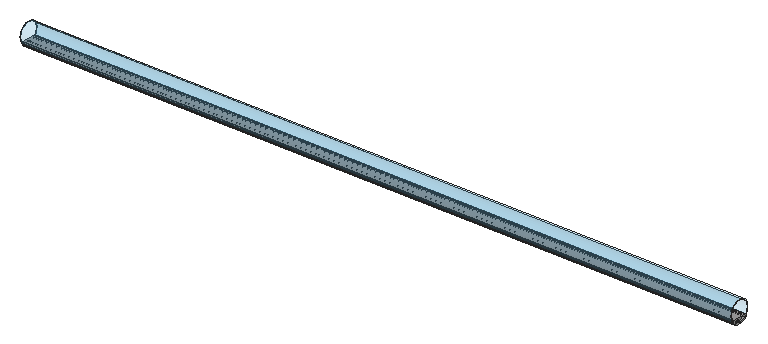
Revit family "PC3030", category Luminarias, Revit 2019
Family settings
  Cota de conector redondo = Diámetro de uso
  Tipo de pieza = Normal
  Se basa en plano de trabajo = Sí
  Siempre vertical = No
  Corte con vacíos al cargar = No
  Origen de luz = No
  Compartido = Sí
  Punto de cálculo de habitación = No
Parameters (values of type "PERFIL_PC3030")
  Tapa Final 3030.1 = 1
  Set de Tensores 3030.2 = (Longitud / 1000 mm) * (3)  # 3
  Keynote = ""
  Modelo = "PC3030"
  Lamp = ""
  Longitud = 1000 mm
  Fabricante = "BRILLANT"
  Default Elevation = 1219.2 mm
  Descripción = "PERFIL PARA SUSPENDER DE ALUMINIO CIRCULAR CON DIFUSOR LECHOSO, PARA ALOJAR TIRA LUMINOSA, PERFIL DE COLOCACION DE 21MM DE ANCHO. INSTALACION SOBRE SUPERFICIES, CUENTA CON PIEZAS DE SUJECION PARA DIRIGIR LA CANALETA Y DESPLAZARLA. IDEAL PARA ATENUAR EL BRILLO E INCORPORAR LA LUZ AL AMBIENTE.PRESENTACION DESDE 0.5 - 3 METROS, REQUEIRE ACCESORIOS COMO TAPA FINAL (CONSIDERAR 1 PAR POR SEGMENTO DE PERFIL) Y SET DE TENSORES (CONSIDERAR 3 PZAS POR SEGMENTO DE PERFIL)."
  Costo USD_PC3030 [instance] = (Longitud / 1000 mm) * (11)  # 11
  Wattage Comments = ""
Reference planes
  plane 1 "Centro (Frontal/Posterior)": y = 0
  plane 2: z = 0
  plane 3 "Centro (Izquierda/Derecha)": x = 0
  plane 4: x = -1000
Forms (mm)
  Extrusion 1, solid, material "Aluminio"
    sketch origin (37.527, 0, 32.853) x (0, 0, 1) y (0, -1, 0)
      loop
        line (-24.953, 10.5) -> (-26.558, 10.5) -> (-26.558, 9.693) -> (-25.688, 8.824) -> (-25.688, 7.97) -> (-28.392, 10.674)
        arc (-28.392, 10.674) -> (-31.385, 6.471) -> (-32.778, 1.503) r 15
        line (-32.778, 1.503) -> (-31.269, 1.503)
        arc (-31.269, 1.503) -> (-30.306, 5.212) -> (-28.341, 8.501) r 13.5
        line (-28.341, 8.501) -> (-26.453, 6.613) -> (-26.453, 1.763)
        arc (-26.453, 1.763) -> (-27.387, 1.496) -> (-28.037, 0.774) r 1.763
        line (-28.037, 0.774) -> (-26.453, 0.774) -> (-26.453, -0.774) -> (-28.037, -0.774)
        arc (-28.037, -0.774) -> (-27.387, -1.496) -> (-26.453, -1.763) r 1.763
        line (-26.453, -1.763) -> (-26.453, -6.613) -> (-28.341, -8.501)
        arc (-28.341, -8.501) -> (-30.306, -5.212) -> (-31.269, -1.503) r 13.5
        line (-31.269, -1.503) -> (-32.778, -1.503)
        arc (-32.778, -1.503) -> (-31.385, -6.471) -> (-28.392, -10.674) r 15
        line (-28.392, -10.674) -> (-25.688, -7.97) -> (-25.688, -8.824) -> (-26.558, -9.693) -> (-26.558, -10.5) -> (-24.953, -10.5) -> (-24.953, 10.5)
    from -1037.527 to -37.527
  Extrusion 2, solid, material "Difusor Lechoso"
    sketch origin (22.394, 0, 30.619) x (0, 0, 1) y (0, -1, 0)
      loop
        arc (-26.159, -10.674) -> (-0.619, 0) -> (-26.159, 10.674) r 15
        line (-26.159, 10.674) -> (-23.455, 7.97) -> (-23.455, 8.824) -> (-24.324, 9.693) -> (-24.324, 10.5)
        arc (-24.324, 10.5) -> (-1.98, 0) -> (-24.324, -10.5) r 13.639
        line (-24.324, -10.5) -> (-24.324, -9.693) -> (-23.455, -8.824) -> (-23.455, -7.97) -> (-26.159, -10.674)
    from -1022.394 to -22.394
Dimensions and locks
  "Longitud": plane 3 "Centro (Izquierda/Derecha)" to plane 4
  "Longitud": plane 4 to plane 3 "Centro (Izquierda/Derecha)"
  Extrusion 1 sketch curve to Extrusion 1 sketch curve = 21 mm
  Extrusion 1 to Extrusion 1 = 21 mm
  diameter of Extrusion 2 = 30 mm
  aligned and locked: level to plane 2
  aligned and locked: plane 4 to Extrusion 1
  aligned and locked: plane 3 "Centro (Izquierda/Derecha)" to Extrusion 1
  aligned and locked: plane 4 to Extrusion 2
  aligned and locked: plane 3 "Centro (Izquierda/Derecha)" to Extrusion 2
Automatic sketch dimensions
  Extrusion 1 sketch curve to Extrusion 1 sketch curve = 0 mm  (x11)
  Extrusion 1 sketch curve to plane 1 "Centro (Frontal/Posterior)" = 0 mm  (x2)
  level to Extrusion 1 sketch curve = 0.075 mm  (x2)
  Extrusion 1 sketch curve to Extrusion 1 sketch curve = 1.508 mm  (x2)
  level to Extrusion 1 sketch curve = 4.461 mm
  Extrusion 1 sketch curve to Extrusion 1 sketch curve = 0.052 mm
  level to Extrusion 1 sketch curve = 4.512 mm
  Extrusion 1 sketch curve to plane 1 "Centro (Frontal/Posterior)" = 0.774 mm
  Extrusion 1 sketch curve to Extrusion 1 sketch curve = 3.232 mm
  plane 1 "Centro (Frontal/Posterior)" to Extrusion 1 sketch curve = 0.774 mm
  Extrusion 1 sketch curve to Extrusion 1 sketch curve = 1.834 mm  (x2)
  Extrusion 1 sketch curve to Extrusion 1 sketch curve = 1.783 mm
  Extrusion 1 sketch curve to Extrusion 1 sketch curve = 1.888 mm  (x3)
  Extrusion 1 sketch curve to Extrusion 1 sketch curve = 0.764 mm  (x2)
  Extrusion 1 sketch curve to Extrusion 1 sketch curve = 1.605 mm
  Extrusion 1 sketch curve to Extrusion 1 sketch curve = 8.6 mm
  Extrusion 1 sketch curve to Extrusion 1 sketch curve = 4.849 mm
  Extrusion 1 sketch curve to Extrusion 1 sketch curve = 1.357 mm  (x2)
  Extrusion 1 sketch curve to Extrusion 1 sketch curve = 0.854 mm  (x2)
  Extrusion 1 sketch curve to Extrusion 1 sketch curve = 0.869 mm
  Extrusion 1 sketch curve to Extrusion 1 sketch curve = 0.807 mm  (x2)
  plane 1 "Centro (Frontal/Posterior)" to Extrusion 1 sketch curve = 1.503 mm
  Extrusion 2 sketch curve to Extrusion 2 sketch curve = 0 mm  (x4)
  Extrusion 2 sketch curve to plane 1 "Centro (Frontal/Posterior)" = 0 mm
  level to Extrusion 2 sketch curve = 4.461 mm
  Extrusion 2 sketch curve to Extrusion 2 sketch curve = 1.834 mm  (x2)
  Extrusion 2 sketch curve to Extrusion 2 sketch curve = 0.869 mm  (x4)
  Extrusion 2 sketch curve to Extrusion 2 sketch curve = 7.835 mm
  Extrusion 2 sketch curve to Extrusion 2 sketch curve = 0.854 mm  (x2)
  Extrusion 2 sketch curve to Extrusion 2 sketch curve = 0.98 mm  (x2)
  Extrusion 2 sketch curve to Extrusion 2 sketch curve = 0.807 mm  (x2)
  plane 1 "Centro (Frontal/Posterior)" to Extrusion 2 sketch curve = 7.97 mm
